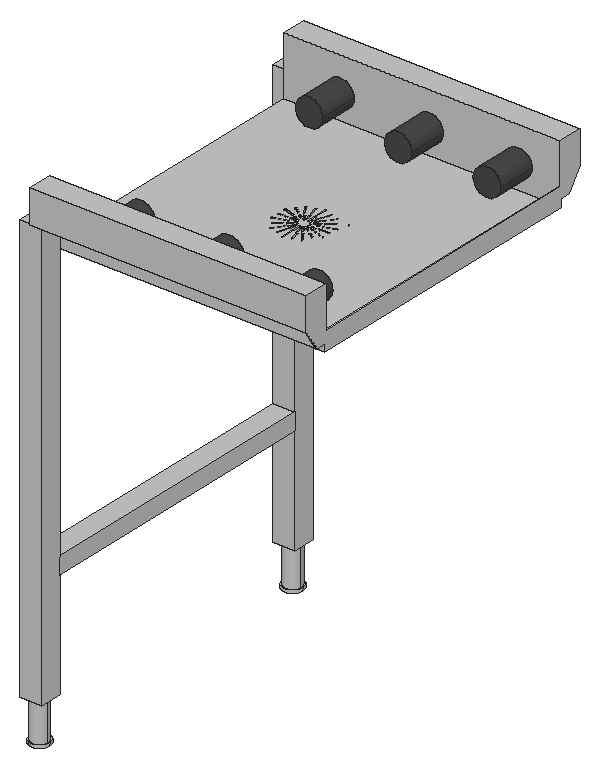
Revit family "QF_ELECTROLUXPROFESSIONAL_863138_HSSRC5", category Specialty Equipment, Revit 2018 (continued)
Lines and regions (mm)
  symbolic lines
    curve 299: line (-819.497, 70.328, 0) -> (-831.804, 66.33, 0)
    curve 300: arc (-831.804, 66.33, 0) -> (-832.604, 66.393, 0) -> (-833.125, 67.003, 0) r 1.048
    curve 301: line (-833.125, 67.003, 0) -> (-833.419, 67.91, 0)
    curve 302: arc (-833.419, 67.91, 0) -> (-833.36, 68.671, 0) -> (-832.779, 69.167, 0) r 0.998
    curve 303: line (-825.276, 73.399, 0) -> (-834.436, 73.399, 0)
    curve 304: arc (-834.436, 73.399, 0) -> (-835.153, 73.696, 0) -> (-835.45, 74.412, 0) r 1.013
    curve 305: line (-835.45, 74.412, 0) -> (-835.45, 75.402, 0)
    curve 306: arc (-835.45, 75.402, 0) -> (-835.158, 76.107, 0) -> (-834.452, 76.399, 0) r 0.997
    curve 307: line (-834.452, 76.399, 0) -> (-825.311, 76.399, 0)
    curve 308: arc (-825.311, 76.399, 0) -> (-824.579, 76.096, 0) -> (-824.276, 75.364, 0) r 1.035
    curve 309: line (-824.276, 75.364, 0) -> (-824.276, 74.399, 0)
    curve 310: arc (-824.276, 74.399, 0) -> (-824.569, 73.692, 0) -> (-825.276, 73.399, 0) r 1
    curve 311: line (-820.424, 76.616, 0) -> (-832.731, 80.615, 0)
    curve 312: arc (-832.731, 80.615, 0) -> (-833.341, 81.136, 0) -> (-833.404, 81.936, 0) r 1.048
    curve 313: line (-833.404, 81.936, 0) -> (-833.109, 82.843, 0)
    curve 314: arc (-833.109, 82.843, 0) -> (-832.613, 83.424, 0) -> (-831.852, 83.484, 0) r 0.998
    curve 315: line (-831.852, 83.484, 0) -> (-819.518, 79.476, 0)
    curve 316: arc (-819.518, 79.476, 0) -> (-818.916, 78.962, 0) -> (-818.854, 78.174, 0) r 1.033
    curve 317: line (-818.854, 78.174, 0) -> (-819.149, 77.266, 0)
    curve 318: arc (-819.149, 77.266, 0) -> (-819.652, 76.677, 0) -> (-820.424, 76.616, 0) r 1.012
    curve 319: line (-823.295, 82.497, 0) -> (-830.706, 87.881, 0)
    curve 320: arc (-830.706, 87.881, 0) -> (-831.111, 88.543, 0) -> (-830.93, 89.297, 0) r 1.013
    curve 321: line (-830.93, 89.297, 0) -> (-830.348, 90.097, 0)
    curve 322: arc (-830.348, 90.097, 0) -> (-829.697, 90.496, 0) -> (-828.955, 90.318, 0) r 0.997
    curve 323: line (-828.955, 90.318, 0) -> (-821.56, 84.945, 0)
    curve 324: arc (-821.56, 84.945, 0) -> (-821.146, 84.269, 0) -> (-821.331, 83.499, 0) r 1.035
    curve 325: line (-821.331, 83.499, 0) -> (-821.898, 82.718, 0)
    curve 326: arc (-821.898, 82.718, 0) -> (-822.551, 82.319, 0) -> (-823.295, 82.497, 0) r 1
    curve 327: line (-817.478, 82.248, 0) -> (-825.084, 92.717, 0)
    curve 328: arc (-825.084, 92.717, 0) -> (-825.272, 93.497, 0) -> (-824.852, 94.181, 0) r 1.048
    curve 329: line (-824.852, 94.181, 0) -> (-824.081, 94.742, 0)
    curve 330: arc (-824.081, 94.742, 0) -> (-823.338, 94.92, 0) -> (-822.687, 94.521, 0) r 0.998
    curve 331: line (-822.687, 94.521, 0) -> (-815.064, 84.029, 0)
    curve 332: arc (-815.064, 84.029, 0) -> (-814.879, 83.26, 0) -> (-815.293, 82.586, 0) r 1.033
    curve 333: line (-815.293, 82.586, 0) -> (-816.065, 82.024, 0)
    curve 334: arc (-816.065, 82.024, 0) -> (-816.818, 81.843, 0) -> (-817.478, 82.248, 0) r 1.012
    curve 335: line (-816.344, 88.693, 0) -> (-819.175, 97.405, 0)
    curve 336: arc (-819.175, 97.405, 0) -> (-819.114, 98.178, 0) -> (-818.524, 98.682, 0) r 1.013
    curve 337: line (-818.524, 98.682, 0) -> (-817.583, 98.988, 0)
    curve 338: arc (-817.583, 98.988, 0) -> (-816.822, 98.928, 0) -> (-816.326, 98.347, 0) r 0.997
    curve 339: line (-816.326, 98.347, 0) -> (-813.502, 89.654, 0)
    curve 340: arc (-813.502, 89.654, 0) -> (-813.564, 88.864, 0) -> (-814.166, 88.349, 0) r 1.035
    curve 341: line (-814.166, 88.349, 0) -> (-815.084, 88.051, 0)
    curve 342: arc (-815.084, 88.051, 0) -> (-815.847, 88.111, 0) -> (-816.344, 88.693, 0) r 1
    curve 343: line (-656.137, 265.317, 0) -> (-606.137, 265.317, 0)
    curve 344: line (-606.137, 265.317, 0) -> (-606.137, 335.271, 0)
    curve 345: line (-606.137, 335.271, 0) -> (-656.137, 335.271, 0)
    curve 346: line (-656.137, 335.271, 0) -> (-656.137, 265.317, 0)
    curve 347: line (-928.137, -115.842, 0) -> (-978.137, -115.842, 0)
    curve 348: line (-978.137, -115.842, 0) -> (-978.137, -185.797, 0)
    curve 349: line (-978.137, -185.797, 0) -> (-928.137, -185.797, 0)
    curve 350: line (-928.137, -185.797, 0) -> (-928.137, -115.842, 0)
    curve 351: line (-816.851, -115.842, 0) -> (-766.851, -115.842, 0)
    curve 352: line (-766.851, -115.842, 0) -> (-766.851, -185.797, 0)
    curve 353: line (-766.851, -185.797, 0) -> (-816.851, -185.797, 0)
    curve 354: line (-816.851, -185.797, 0) -> (-816.851, -115.842, 0)
    curve 355: line (-656.137, -115.842, 0) -> (-606.137, -115.842, 0)
    curve 356: line (-606.137, -115.842, 0) -> (-606.137, -185.797, 0)
    curve 357: line (-606.137, -185.797, 0) -> (-656.137, -185.797, 0)
    curve 358: line (-656.137, -185.797, 0) -> (-656.137, -115.842, 0)
Dimensions and locks
  plane 3 "LEFT" to plane 7 "RIGHT" = 500 mm
  equal spacing: plane 4 "BACK", plane 1 "Centro (Fronte/Retro)", plane 5 "FRONT"
  plane 4 "BACK" to plane 5 "FRONT" = 620 mm
  cut or joined group 1 (Extrusion 2, Extrusion 3, Extrusion 4, Revolve 5, Revolve 6, Extrusion 8, Extrusion 9, Extrusion 10, Extrusion 11, Extrusion 12, Extrusion 13, Extrusion 14, Extrusion 15, Extrusion 16, Extrusion 17, Extrusion 19, Extrusion 20, Extrusion 21, Extrusion 22, Extrusion 23, Extrusion 24, Extrusion 25, Extrusion 26, Extrusion 27, Extrusion 28) to cut or joined group 1 = 529.957 mm
  Extrusion 7 sketch curve to Extrusion 7 sketch curve = 161 mm
  Extrusion 29 sketch curve to Extrusion 29 sketch curve = 161 mm
  plane 3 "LEFT" to plane 8 = 230 mm
  aligned and locked: level to plane 2
  aligned and locked: Extrusion 2 to Extrusion 4
  aligned and locked: Extrusion 2 to Extrusion 3
Automatic sketch dimensions
  Extrusion 8 sketch curve to Extrusion 8 sketch curve = 0.998 mm
  Extrusion 8 sketch curve to Extrusion 8 sketch curve = 1.033 mm
  Extrusion 8 sketch curve to Extrusion 8 sketch curve = 12.94 mm
  Extrusion 8 sketch curve to Extrusion 8 sketch curve = 3.807 mm
  Extrusion 8 sketch curve to Extrusion 8 sketch curve = 20.041 mm
  Extrusion 8 sketch curve to Extrusion 8 sketch curve = 0.05 mm
  Extrusion 8 sketch curve to Extrusion 8 sketch curve = 0 mm
  Extrusion 8 sketch curve to Extrusion 8 sketch curve = 1.012 mm  (x2)
  Extrusion 8 sketch curve to Extrusion 8 sketch curve = 1.048 mm  (x2)
  Extrusion 8 sketch curve to Extrusion 8 sketch curve = 0.955 mm  (x2)
  Extrusion 8 sketch curve to Extrusion 8 sketch curve = 0.954 mm
  Extrusion 9 sketch curve to Extrusion 9 sketch curve = 0.998 mm
  Extrusion 9 sketch curve to Extrusion 9 sketch curve = 1.033 mm
  Extrusion 9 sketch curve to Extrusion 9 sketch curve = 12.94 mm
  Extrusion 9 sketch curve to Extrusion 9 sketch curve = 3.807 mm
  Extrusion 9 sketch curve to Extrusion 9 sketch curve = 20.041 mm
  Extrusion 9 sketch curve to Extrusion 9 sketch curve = 0.05 mm
  Extrusion 9 sketch curve to Extrusion 9 sketch curve = 0 mm
  Extrusion 9 sketch curve to Extrusion 9 sketch curve = 1.012 mm  (x2)
  Extrusion 9 sketch curve to Extrusion 9 sketch curve = 1.048 mm  (x2)
  Extrusion 9 sketch curve to Extrusion 9 sketch curve = 0.955 mm  (x2)
  Extrusion 9 sketch curve to Extrusion 9 sketch curve = 0.954 mm
  Extrusion 10 sketch curve to Extrusion 10 sketch curve = 0.998 mm
  Extrusion 10 sketch curve to Extrusion 10 sketch curve = 1.033 mm
  Extrusion 10 sketch curve to Extrusion 10 sketch curve = 12.94 mm
  Extrusion 10 sketch curve to Extrusion 10 sketch curve = 3.807 mm
  Extrusion 10 sketch curve to Extrusion 10 sketch curve = 20.041 mm
  Extrusion 10 sketch curve to Extrusion 10 sketch curve = 0.05 mm
  Extrusion 10 sketch curve to Extrusion 10 sketch curve = 0 mm
  Extrusion 10 sketch curve to Extrusion 10 sketch curve = 1.012 mm  (x2)
  Extrusion 10 sketch curve to Extrusion 10 sketch curve = 1.048 mm  (x2)
  Extrusion 10 sketch curve to Extrusion 10 sketch curve = 0.955 mm  (x2)
  Extrusion 10 sketch curve to Extrusion 10 sketch curve = 0.954 mm
  Extrusion 11 sketch curve to Extrusion 11 sketch curve = 0.998 mm
  Extrusion 11 sketch curve to Extrusion 11 sketch curve = 1.033 mm
  Extrusion 11 sketch curve to Extrusion 11 sketch curve = 12.94 mm
  Extrusion 11 sketch curve to Extrusion 11 sketch curve = 3.807 mm
  Extrusion 11 sketch curve to Extrusion 11 sketch curve = 20.041 mm
  Extrusion 11 sketch curve to Extrusion 11 sketch curve = 0.05 mm
  Extrusion 11 sketch curve to Extrusion 11 sketch curve = 0 mm
  Extrusion 11 sketch curve to Extrusion 11 sketch curve = 1.012 mm  (x2)
  Extrusion 11 sketch curve to Extrusion 11 sketch curve = 1.048 mm  (x2)
  Extrusion 11 sketch curve to Extrusion 11 sketch curve = 0.955 mm  (x2)
  Extrusion 11 sketch curve to Extrusion 11 sketch curve = 0.954 mm
  Extrusion 12 sketch curve to Extrusion 12 sketch curve = 0.998 mm
  Extrusion 12 sketch curve to Extrusion 12 sketch curve = 1.033 mm
  Extrusion 12 sketch curve to Extrusion 12 sketch curve = 12.94 mm
  Extrusion 12 sketch curve to Extrusion 12 sketch curve = 3.807 mm
  Extrusion 12 sketch curve to Extrusion 12 sketch curve = 20.041 mm
  Extrusion 12 sketch curve to Extrusion 12 sketch curve = 0.05 mm
  Extrusion 12 sketch curve to Extrusion 12 sketch curve = 0 mm
  Extrusion 12 sketch curve to Extrusion 12 sketch curve = 1.012 mm  (x2)
  Extrusion 12 sketch curve to Extrusion 12 sketch curve = 1.048 mm  (x2)
  Extrusion 12 sketch curve to Extrusion 12 sketch curve = 0.955 mm  (x2)
  Extrusion 12 sketch curve to Extrusion 12 sketch curve = 0.954 mm
  Extrusion 13 sketch curve to Extrusion 13 sketch curve = 0.998 mm
  Extrusion 13 sketch curve to Extrusion 13 sketch curve = 1.033 mm
  Extrusion 13 sketch curve to Extrusion 13 sketch curve = 12.94 mm
  Extrusion 13 sketch curve to Extrusion 13 sketch curve = 3.807 mm
  Extrusion 13 sketch curve to Extrusion 13 sketch curve = 20.041 mm
  Extrusion 13 sketch curve to Extrusion 13 sketch curve = 0.05 mm
  Extrusion 13 sketch curve to Extrusion 13 sketch curve = 0 mm
  Extrusion 13 sketch curve to Extrusion 13 sketch curve = 1.012 mm  (x2)
  Extrusion 13 sketch curve to Extrusion 13 sketch curve = 1.048 mm  (x2)
  Extrusion 13 sketch curve to Extrusion 13 sketch curve = 0.955 mm  (x2)
  Extrusion 13 sketch curve to Extrusion 13 sketch curve = 0.954 mm
  Extrusion 14 sketch curve to Extrusion 14 sketch curve = 0.998 mm
  Extrusion 14 sketch curve to Extrusion 14 sketch curve = 1.033 mm
  Extrusion 14 sketch curve to Extrusion 14 sketch curve = 12.94 mm
  Extrusion 14 sketch curve to Extrusion 14 sketch curve = 3.807 mm
  Extrusion 14 sketch curve to Extrusion 14 sketch curve = 20.041 mm
  Extrusion 14 sketch curve to Extrusion 14 sketch curve = 0.05 mm
  Extrusion 14 sketch curve to Extrusion 14 sketch curve = 0 mm
  Extrusion 14 sketch curve to Extrusion 14 sketch curve = 1.012 mm  (x2)
  Extrusion 14 sketch curve to Extrusion 14 sketch curve = 1.048 mm  (x2)
  Extrusion 14 sketch curve to Extrusion 14 sketch curve = 0.955 mm  (x2)
  Extrusion 14 sketch curve to Extrusion 14 sketch curve = 0.954 mm
  Extrusion 15 sketch curve to Extrusion 15 sketch curve = 0.998 mm
  Extrusion 15 sketch curve to Extrusion 15 sketch curve = 1.033 mm
  Extrusion 15 sketch curve to Extrusion 15 sketch curve = 12.94 mm
  Extrusion 15 sketch curve to Extrusion 15 sketch curve = 3.807 mm
  Extrusion 15 sketch curve to Extrusion 15 sketch curve = 20.041 mm
  Extrusion 15 sketch curve to Extrusion 15 sketch curve = 0.05 mm
  Extrusion 15 sketch curve to Extrusion 15 sketch curve = 0 mm
  Extrusion 15 sketch curve to Extrusion 15 sketch curve = 1.012 mm  (x2)
  Extrusion 15 sketch curve to Extrusion 15 sketch curve = 1.048 mm  (x2)
  Extrusion 15 sketch curve to Extrusion 15 sketch curve = 0.955 mm  (x2)
  Extrusion 15 sketch curve to Extrusion 15 sketch curve = 0.954 mm
  Extrusion 16 sketch curve to Extrusion 16 sketch curve = 0.998 mm
  Extrusion 16 sketch curve to Extrusion 16 sketch curve = 1.033 mm
  Extrusion 16 sketch curve to Extrusion 16 sketch curve = 12.94 mm
  Extrusion 16 sketch curve to Extrusion 16 sketch curve = 3.807 mm
  Extrusion 16 sketch curve to Extrusion 16 sketch curve = 20.041 mm
  Extrusion 16 sketch curve to Extrusion 16 sketch curve = 0.05 mm
  Extrusion 16 sketch curve to Extrusion 16 sketch curve = 0 mm
  Extrusion 16 sketch curve to Extrusion 16 sketch curve = 1.012 mm  (x2)
  Extrusion 16 sketch curve to Extrusion 16 sketch curve = 1.048 mm  (x2)
  Extrusion 16 sketch curve to Extrusion 16 sketch curve = 0.955 mm  (x2)
  Extrusion 16 sketch curve to Extrusion 16 sketch curve = 0.954 mm
  Extrusion 17 sketch curve to Extrusion 17 sketch curve = 0.998 mm
  Extrusion 17 sketch curve to Extrusion 17 sketch curve = 1.033 mm
  Extrusion 17 sketch curve to Extrusion 17 sketch curve = 12.94 mm
  Extrusion 17 sketch curve to Extrusion 17 sketch curve = 3.807 mm
  Extrusion 17 sketch curve to Extrusion 17 sketch curve = 20.041 mm
  Extrusion 17 sketch curve to Extrusion 17 sketch curve = 0.05 mm
  Extrusion 17 sketch curve to Extrusion 17 sketch curve = 0 mm
  Extrusion 17 sketch curve to Extrusion 17 sketch curve = 1.012 mm  (x2)
  Extrusion 17 sketch curve to Extrusion 17 sketch curve = 1.048 mm  (x2)
  Extrusion 17 sketch curve to Extrusion 17 sketch curve = 0.955 mm  (x2)
  Extrusion 17 sketch curve to Extrusion 17 sketch curve = 0.954 mm
  Extrusion 19 sketch curve to Extrusion 19 sketch curve = 0.997 mm  (x2)
  Extrusion 19 sketch curve to Extrusion 19 sketch curve = 0.016 mm  (x2)
  Extrusion 19 sketch curve to Extrusion 19 sketch curve = 14.766 mm
  Extrusion 19 sketch curve to Extrusion 19 sketch curve = 4.462 mm
  Extrusion 19 sketch curve to Extrusion 19 sketch curve = 9.141 mm
  Extrusion 19 sketch curve to Extrusion 19 sketch curve = 0.035 mm  (x2)
  Extrusion 19 sketch curve to Extrusion 19 sketch curve = 1.035 mm  (x2)
  Extrusion 19 sketch curve to Extrusion 19 sketch curve = 1 mm
  Extrusion 19 sketch curve to Extrusion 19 sketch curve = 0.965 mm  (x2)
  Extrusion 20 sketch curve to Extrusion 20 sketch curve = 0.997 mm  (x2)
  Extrusion 20 sketch curve to Extrusion 20 sketch curve = 0.016 mm  (x2)
  Extrusion 20 sketch curve to Extrusion 20 sketch curve = 14.766 mm
  Extrusion 20 sketch curve to Extrusion 20 sketch curve = 4.462 mm
  Extrusion 20 sketch curve to Extrusion 20 sketch curve = 9.141 mm
  Extrusion 20 sketch curve to Extrusion 20 sketch curve = 0.035 mm  (x2)
  Extrusion 20 sketch curve to Extrusion 20 sketch curve = 1.035 mm  (x2)
  Extrusion 20 sketch curve to Extrusion 20 sketch curve = 1 mm
  Extrusion 20 sketch curve to Extrusion 20 sketch curve = 0.965 mm  (x2)
  Extrusion 21 sketch curve to Extrusion 21 sketch curve = 0.997 mm  (x2)
  Extrusion 21 sketch curve to Extrusion 21 sketch curve = 0.016 mm  (x2)
  Extrusion 21 sketch curve to Extrusion 21 sketch curve = 14.766 mm
  Extrusion 21 sketch curve to Extrusion 21 sketch curve = 4.462 mm
  Extrusion 21 sketch curve to Extrusion 21 sketch curve = 9.141 mm
  Extrusion 21 sketch curve to Extrusion 21 sketch curve = 0.035 mm  (x2)
  Extrusion 21 sketch curve to Extrusion 21 sketch curve = 1.035 mm  (x2)
  Extrusion 21 sketch curve to Extrusion 21 sketch curve = 1 mm
  Extrusion 21 sketch curve to Extrusion 21 sketch curve = 0.965 mm  (x2)
  Extrusion 22 sketch curve to Extrusion 22 sketch curve = 0.997 mm  (x2)
  Extrusion 22 sketch curve to Extrusion 22 sketch curve = 0.016 mm  (x2)
  Extrusion 22 sketch curve to Extrusion 22 sketch curve = 14.766 mm
  Extrusion 22 sketch curve to Extrusion 22 sketch curve = 4.462 mm
  Extrusion 22 sketch curve to Extrusion 22 sketch curve = 9.141 mm
  Extrusion 22 sketch curve to Extrusion 22 sketch curve = 0.035 mm  (x2)
  Extrusion 22 sketch curve to Extrusion 22 sketch curve = 1.035 mm  (x2)
  Extrusion 22 sketch curve to Extrusion 22 sketch curve = 1 mm
  Extrusion 22 sketch curve to Extrusion 22 sketch curve = 0.965 mm  (x2)
  Extrusion 23 sketch curve to Extrusion 23 sketch curve = 0.997 mm  (x2)
  Extrusion 23 sketch curve to Extrusion 23 sketch curve = 0.016 mm  (x2)
  Extrusion 23 sketch curve to Extrusion 23 sketch curve = 14.766 mm
  Extrusion 23 sketch curve to Extrusion 23 sketch curve = 4.462 mm
  Extrusion 23 sketch curve to Extrusion 23 sketch curve = 9.141 mm
  Extrusion 23 sketch curve to Extrusion 23 sketch curve = 0.035 mm  (x2)
  Extrusion 23 sketch curve to Extrusion 23 sketch curve = 1.035 mm  (x2)
  Extrusion 23 sketch curve to Extrusion 23 sketch curve = 1 mm
  Extrusion 23 sketch curve to Extrusion 23 sketch curve = 0.965 mm  (x2)
  Extrusion 24 sketch curve to Extrusion 24 sketch curve = 0.997 mm  (x2)
  Extrusion 24 sketch curve to Extrusion 24 sketch curve = 0.016 mm  (x2)
  Extrusion 24 sketch curve to Extrusion 24 sketch curve = 14.766 mm
  Extrusion 24 sketch curve to Extrusion 24 sketch curve = 4.462 mm
  Extrusion 24 sketch curve to Extrusion 24 sketch curve = 9.141 mm
  Extrusion 24 sketch curve to Extrusion 24 sketch curve = 0.035 mm  (x2)
  Extrusion 24 sketch curve to Extrusion 24 sketch curve = 1.035 mm  (x2)
  Extrusion 24 sketch curve to Extrusion 24 sketch curve = 1 mm
  Extrusion 24 sketch curve to Extrusion 24 sketch curve = 0.965 mm  (x2)
  Extrusion 25 sketch curve to Extrusion 25 sketch curve = 0.997 mm  (x2)
  Extrusion 25 sketch curve to Extrusion 25 sketch curve = 0.016 mm  (x2)
  Extrusion 25 sketch curve to Extrusion 25 sketch curve = 14.766 mm
  Extrusion 25 sketch curve to Extrusion 25 sketch curve = 4.462 mm
  Extrusion 25 sketch curve to Extrusion 25 sketch curve = 9.141 mm
  Extrusion 25 sketch curve to Extrusion 25 sketch curve = 0.035 mm  (x2)
  Extrusion 25 sketch curve to Extrusion 25 sketch curve = 1.035 mm  (x2)
  Extrusion 25 sketch curve to Extrusion 25 sketch curve = 1 mm
  Extrusion 25 sketch curve to Extrusion 25 sketch curve = 0.965 mm  (x2)
  Extrusion 26 sketch curve to Extrusion 26 sketch curve = 0.997 mm  (x2)
  Extrusion 26 sketch curve to Extrusion 26 sketch curve = 0.016 mm  (x2)
  Extrusion 26 sketch curve to Extrusion 26 sketch curve = 14.766 mm
  Extrusion 26 sketch curve to Extrusion 26 sketch curve = 4.462 mm
  Extrusion 26 sketch curve to Extrusion 26 sketch curve = 9.141 mm
  Extrusion 26 sketch curve to Extrusion 26 sketch curve = 0.035 mm  (x2)
  Extrusion 26 sketch curve to Extrusion 26 sketch curve = 1.035 mm  (x2)
  Extrusion 26 sketch curve to Extrusion 26 sketch curve = 1 mm
  Extrusion 26 sketch curve to Extrusion 26 sketch curve = 0.965 mm  (x2)
  Extrusion 27 sketch curve to Extrusion 27 sketch curve = 0.997 mm  (x2)
  Extrusion 27 sketch curve to Extrusion 27 sketch curve = 0.016 mm  (x2)
  Extrusion 27 sketch curve to Extrusion 27 sketch curve = 14.766 mm
  Extrusion 27 sketch curve to Extrusion 27 sketch curve = 4.462 mm
  Extrusion 27 sketch curve to Extrusion 27 sketch curve = 9.141 mm
  Extrusion 27 sketch curve to Extrusion 27 sketch curve = 0.035 mm  (x2)
  Extrusion 27 sketch curve to Extrusion 27 sketch curve = 1.035 mm  (x2)
  Extrusion 27 sketch curve to Extrusion 27 sketch curve = 1 mm
  Extrusion 27 sketch curve to Extrusion 27 sketch curve = 0.965 mm  (x2)
  Extrusion 28 sketch curve to Extrusion 28 sketch curve = 0.997 mm  (x2)
  Extrusion 28 sketch curve to Extrusion 28 sketch curve = 0.016 mm  (x2)
  Extrusion 28 sketch curve to Extrusion 28 sketch curve = 14.766 mm
  Extrusion 28 sketch curve to Extrusion 28 sketch curve = 4.462 mm
  Extrusion 28 sketch curve to Extrusion 28 sketch curve = 9.141 mm
  Extrusion 28 sketch curve to Extrusion 28 sketch curve = 0.035 mm  (x2)
  Extrusion 28 sketch curve to Extrusion 28 sketch curve = 1.035 mm  (x2)
  Extrusion 28 sketch curve to Extrusion 28 sketch curve = 1 mm
  Extrusion 28 sketch curve to Extrusion 28 sketch curve = 0.965 mm  (x2)
  curve 9 to curve 10 = 0 mm  (x2)
  curve 11 to curve 12 = 0 mm  (x2)
  curve 181 to curve 182 = 0 mm  (x2)
  curve 1 to plane 3 "LEFT" = 0 mm
  plane 1 "Centro (Fronte/Retro)" to curve 8 = 0 mm
  plane 1 "Centro (Fronte/Retro)" to curve 10 = 0 mm
  plane 1 "Centro (Fronte/Retro)" to curve 11 = 0 mm
  plane 1 "Centro (Fronte/Retro)" to curve 7 = 0 mm
  curve 7 to plane 7 "RIGHT" = 0 mm
  curve 4 to plane 5 "FRONT" = 0 mm
  curve 2 to plane 4 "BACK" = 0 mm
  plane 3 "LEFT" to curve 348 = 60.624 mm
  plane 3 "LEFT" to curve 13 = 60.624 mm
  curve 348 to curve 349 = 50 mm
  curve 13 to curve 13 = 50 mm
  plane 1 "Centro (Fronte/Retro)" to curve 151 = 14.84 mm
  plane 3 "LEFT" to curve 151 = 180.681 mm
  curve 167 to plane 1 "Centro (Fronte/Retro)" = 15.211 mm
  curve 152 to curve 167 = 0.016 mm
  plane 1 "Centro (Fronte/Retro)" to curve 151 = 15.747 mm
  curve 151 to curve 151 = 0.295 mm
  curve 167 to plane 1 "Centro (Fronte/Retro)" = 16.119 mm
  curve 166 to curve 167 = 0.295 mm
  plane 1 "Centro (Fronte/Retro)" to curve 153 = 13.583 mm
  curve 152 to curve 153 = 0.641 mm
  curve 165 to plane 1 "Centro (Fronte/Retro)" = 13.891 mm
  curve 166 to curve 165 = 0.673 mm
  curve 153 to curve 152 = 0.308 mm
  curve 165 to curve 166 = 0.324 mm
  curve 166 to curve 168 = 0.247 mm
  curve 152 to curve 150 = 0.343 mm
  plane 1 "Centro (Fronte/Retro)" to curve 159 = 0.325 mm
  curve 152 to curve 159 = 0.729 mm
  curve 169 to plane 1 "Centro (Fronte/Retro)" = 16.759 mm
  curve 168 to curve 169 = 0.308 mm
  plane 1 "Centro (Fronte/Retro)" to curve 149 = 16.42 mm
  curve 150 to curve 149 = 0.324 mm
  curve 160 to plane 1 "Centro (Fronte/Retro)" = 0.664 mm
  curve 159 to curve 160 = 0.997 mm
  curve 160 to curve 158 = 0.016 mm
  plane 1 "Centro (Fronte/Retro)" to curve 143 = 26.72 mm
  curve 149 to curve 143 = 8.325 mm
  curve 175 to plane 1 "Centro (Fronte/Retro)" = 27.056 mm
  curve 168 to curve 175 = 8.383 mm
  plane 1 "Centro (Fronte/Retro)" to curve 145 = 25.327 mm
  curve 144 to curve 145 = 0.221 mm
  curve 173 to plane 1 "Centro (Fronte/Retro)" = 25.641 mm
  curve 174 to curve 173 = 0.224 mm
  plane 1 "Centro (Fronte/Retro)" to curve 143 = 27.52 mm
  curve 143 to curve 143 = 0.581 mm
  curve 175 to plane 1 "Centro (Fronte/Retro)" = 27.857 mm
  curve 174 to curve 175 = 0.581 mm
  curve 144 to curve 144 = 0.586 mm
  curve 174 to curve 174 = 0.82 mm
  curve 174 to curve 176 = 0.569 mm
  curve 144 to curve 142 = 0.594 mm
  curve 177 to plane 1 "Centro (Fronte/Retro)" = 28.077 mm
  curve 176 to curve 177 = 0.586 mm
  plane 1 "Centro (Fronte/Retro)" to curve 141 = 27.744 mm
  curve 142 to curve 141 = 0.596 mm
  curve 162 to plane 1 "Centro (Fronte/Retro)" = 0.627 mm
  curve 160 to curve 162 = 14.766 mm
  plane 1 "Centro (Fronte/Retro)" to curve 164 = 0.338 mm
  plane 1 "Centro (Fronte/Retro)" to curve 137 = 38.675 mm
  curve 141 to curve 137 = 5.787 mm
  curve 21 to plane 1 "Centro (Fronte/Retro)" = 38.958 mm
  curve 176 to curve 21 = 5.83 mm
  plane 1 "Centro (Fronte/Retro)" to curve 135 = 40.068 mm
  curve 136 to curve 135 = 0.221 mm
  curve 23 to plane 1 "Centro (Fronte/Retro)" = 40.422 mm
  curve 21 to curve 23 = 0.232 mm
  curve 136 to curve 136 = 0.807 mm
  curve 23 to curve 22 = 0.616 mm
  plane 1 "Centro (Fronte/Retro)" to curve 135 = 40.629 mm
  curve 135 to curve 135 = 0.772 mm
  curve 23 to plane 1 "Centro (Fronte/Retro)" = 40.982 mm
  curve 23 to curve 23 = 0.772 mm
  curve 136 to curve 134 = 0.801 mm
  curve 22 to curve 24 = 0.742 mm
  plane 1 "Centro (Fronte/Retro)" to curve 153 = 7.374 mm
  curve 164 to curve 153 = 2.58 mm
  curve 165 to plane 1 "Centro (Fronte/Retro)" = 7.691 mm
  curve 161 to curve 165 = 2.636 mm
  curve 154 to curve 154 = 0.319 mm
  curve 165 to curve 172 = 0.313 mm
  curve 25 to plane 1 "Centro (Fronte/Retro)" = 40.762 mm
  curve 24 to curve 25 = 0.807 mm
  plane 1 "Centro (Fronte/Retro)" to curve 133 = 40.397 mm
  curve 134 to curve 133 = 0.848 mm
  curve 172 to curve 170 = 0.274 mm
  curve 154 to curve 156 = 0.316 mm
  curve 169 to plane 1 "Centro (Fronte/Retro)" = 10.551 mm
  curve 170 to curve 169 = 0.319 mm
  plane 1 "Centro (Fronte/Retro)" to curve 149 = 10.22 mm
  curve 156 to curve 149 = 0.313 mm
  curve 171 to plane 1 "Centro (Fronte/Retro)" = 8.34 mm
  curve 172 to curve 171 = 0.962 mm
  plane 1 "Centro (Fronte/Retro)" to curve 155 = 8.037 mm
  curve 154 to curve 155 = 0.983 mm
  curve 171 to plane 1 "Centro (Fronte/Retro)" = 9.249 mm
  curve 171 to curve 171 = 0.295 mm
  plane 1 "Centro (Fronte/Retro)" to curve 155 = 8.946 mm
  curve 154 to curve 155 = 0.295 mm
  plane 1 "Centro (Fronte/Retro)" to curve 145 = 16.648 mm
  curve 156 to curve 145 = 1.411 mm
  curve 173 to plane 1 "Centro (Fronte/Retro)" = 16.95 mm
  curve 170 to curve 173 = 1.46 mm
  plane 1 "Centro (Fronte/Retro)" to curve 305 = 0.325 mm
  curve 163 to curve 305 = 4.462 mm
  curve 145 to curve 146 = 0.608 mm
  curve 173 to curve 180 = 0.588 mm
  curve 180 to curve 178 = 0.539 mm
  curve 146 to curve 148 = 0.596 mm
  curve 179 to plane 1 "Centro (Fronte/Retro)" = 17.172 mm
  curve 180 to curve 179 = 0.809 mm
  plane 1 "Centro (Fronte/Retro)" to curve 147 = 16.877 mm
  curve 146 to curve 147 = 0.838 mm
  curve 305 to curve 307 = 0.997 mm
  plane 1 "Centro (Fronte/Retro)" to curve 303 = 1.338 mm
  curve 177 to plane 1 "Centro (Fronte/Retro)" = 19.398 mm
  curve 178 to curve 177 = 0.608 mm
  plane 1 "Centro (Fronte/Retro)" to curve 141 = 19.054 mm
  curve 148 to curve 141 = 0.588 mm
  curve 179 to plane 1 "Centro (Fronte/Retro)" = 17.952 mm
  curve 179 to curve 179 = 0.567 mm
  plane 1 "Centro (Fronte/Retro)" to curve 147 = 17.657 mm
  curve 147 to curve 147 = 0.567 mm
  plane 1 "Centro (Fronte/Retro)" to curve 301 = 6.827 mm
  curve 154 to curve 301 = 3.61 mm
  curve 313 to plane 1 "Centro (Fronte/Retro)" = 7.199 mm
  curve 171 to curve 313 = 3.632 mm
  plane 1 "Centro (Fronte/Retro)" to curve 301 = 7.734 mm
  curve 302 to curve 301 = 0.295 mm
  curve 313 to plane 1 "Centro (Fronte/Retro)" = 8.106 mm
  curve 312 to curve 313 = 0.295 mm
  plane 1 "Centro (Fronte/Retro)" to curve 295 = 5.57 mm
  curve 301 to curve 295 = 0.641 mm
  curve 311 to plane 1 "Centro (Fronte/Retro)" = 5.878 mm
  curve 313 to curve 311 = 0.673 mm
  curve 301 to curve 302 = 0.949 mm
  curve 313 to curve 312 = 0.997 mm
  curve 312 to curve 314 = 0.247 mm
  curve 302 to curve 300 = 0.343 mm
  curve 315 to plane 1 "Centro (Fronte/Retro)" = 8.747 mm
  curve 314 to curve 315 = 0.308 mm
  plane 1 "Centro (Fronte/Retro)" to curve 299 = 8.407 mm
  curve 300 to curve 299 = 0.324 mm
  plane 1 "Centro (Fronte/Retro)" to curve 293 = 14.223 mm
  curve 147 to curve 293 = 3.588 mm
  curve 321 to plane 1 "Centro (Fronte/Retro)" = 14.56 mm
  curve 179 to curve 321 = 3.618 mm
  plane 1 "Centro (Fronte/Retro)" to curve 287 = 12.83 mm
  curve 294 to curve 287 = 0.221 mm
  curve 319 to plane 1 "Centro (Fronte/Retro)" = 13.144 mm
  curve 320 to curve 319 = 0.224 mm
  plane 1 "Centro (Fronte/Retro)" to curve 293 = 15.024 mm
  curve 293 to curve 293 = 0.581 mm
  curve 321 to plane 1 "Centro (Fronte/Retro)" = 15.36 mm
  curve 320 to curve 321 = 0.581 mm
  curve 293 to curve 294 = 0.807 mm
  curve 320 to curve 320 = 0.596 mm
  curve 320 to curve 322 = 0.569 mm
  curve 294 to curve 292 = 0.594 mm
  curve 323 to plane 1 "Centro (Fronte/Retro)" = 15.581 mm
  curve 322 to curve 323 = 0.586 mm
  plane 1 "Centro (Fronte/Retro)" to curve 291 = 15.248 mm
  curve 292 to curve 291 = 0.596 mm
  plane 1 "Centro (Fronte/Retro)" to curve 137 = 22.42 mm
  curve 141 to curve 137 = 5.635 mm
  curve 21 to plane 1 "Centro (Fronte/Retro)" = 22.726 mm
  curve 177 to curve 21 = 5.676 mm
  curve 28 to curve 28 = 0.818 mm
  curve 137 to curve 138 = 0.836 mm
  curve 27 to plane 1 "Centro (Fronte/Retro)" = 22.503 mm
  curve 28 to curve 27 = 0.595 mm
  plane 1 "Centro (Fronte/Retro)" to curve 139 = 22.192 mm
  curve 138 to curve 139 = 0.607 mm
  curve 28 to curve 26 = 0.76 mm
  curve 138 to curve 140 = 0.786 mm
  curve 27 to plane 1 "Centro (Fronte/Retro)" = 23.064 mm
  curve 28 to curve 27 = 0.773 mm
  plane 1 "Centro (Fronte/Retro)" to curve 139 = 22.753 mm
  curve 139 to curve 139 = 0.773 mm
  curve 25 to plane 1 "Centro (Fronte/Retro)" = 24.507 mm
  curve 26 to curve 25 = 0.836 mm
  plane 1 "Centro (Fronte/Retro)" to curve 133 = 24.166 mm
  curve 140 to curve 133 = 0.818 mm
  plane 1 "Centro (Fronte/Retro)" to curve 129 = 42.58 mm
  curve 133 to curve 129 = 12.149 mm
  curve 29 to plane 1 "Centro (Fronte/Retro)" = 42.888 mm
  curve 24 to curve 29 = 12.184 mm
  curve 307 to plane 1 "Centro (Fronte/Retro)" = 1.662 mm
  curve 311 to curve 307 = 7.42 mm
  plane 1 "Centro (Fronte/Retro)" to curve 310 = 0.338 mm
  curve 308 to curve 310 = 0.035 mm
  plane 1 "Centro (Fronte/Retro)" to curve 279 = 17.697 mm
  curve 291 to curve 279 = 3.828 mm
  plane 1 "Centro (Fronte/Retro)" to curve 127 = 43.836 mm
  curve 128 to curve 127 = 0.64 mm
  curve 31 to plane 1 "Centro (Fronte/Retro)" = 44.165 mm
  curve 30 to curve 31 = 0.651 mm
  curve 327 to plane 1 "Centro (Fronte/Retro)" = 17.98 mm
  curve 323 to curve 327 = 3.871 mm
  plane 1 "Centro (Fronte/Retro)" to curve 285 = 19.091 mm
  curve 286 to curve 285 = 0.221 mm
  curve 329 to plane 1 "Centro (Fronte/Retro)" = 19.444 mm
  curve 328 to curve 329 = 0.232 mm
  curve 128 to curve 128 = 0.949 mm
  curve 30 to curve 30 = 0.313 mm
  curve 286 to curve 286 = 0.587 mm
  curve 328 to curve 328 = 0.848 mm
  plane 1 "Centro (Fronte/Retro)" to curve 127 = 44.142 mm
  curve 127 to curve 127 = 0.941 mm
  curve 31 to plane 1 "Centro (Fronte/Retro)" = 44.471 mm
  curve 30 to curve 31 = 0.941 mm
  plane 1 "Centro (Fronte/Retro)" to curve 285 = 19.651 mm
  curve 286 to curve 285 = 0.772 mm
  curve 329 to plane 1 "Centro (Fronte/Retro)" = 20.005 mm
  curve 328 to curve 329 = 0.772 mm
  curve 128 to curve 126 = 0.946 mm
  curve 30 to curve 32 = 0.936 mm
  curve 286 to curve 284 = 0.801 mm
  curve 328 to curve 330 = 0.742 mm
  plane 1 "Centro (Fronte/Retro)" to curve 287 = 7.457 mm
  curve 303 to curve 287 = 1.953 mm
  curve 319 to plane 1 "Centro (Fronte/Retro)" = 7.76 mm
  curve 308 to curve 319 = 2.017 mm
  curve 33 to plane 1 "Centro (Fronte/Retro)" = 43.83 mm
  curve 32 to curve 33 = 0.949 mm
  plane 1 "Centro (Fronte/Retro)" to curve 125 = 43.491 mm
  curve 126 to curve 125 = 0.964 mm
  curve 287 to curve 288 = 0.608 mm
  curve 319 to curve 326 = 0.588 mm
  curve 331 to plane 1 "Centro (Fronte/Retro)" = 19.784 mm
  curve 330 to curve 331 = 0.807 mm
  plane 1 "Centro (Fronte/Retro)" to curve 283 = 19.42 mm
  curve 284 to curve 283 = 0.848 mm
  curve 326 to curve 324 = 0.539 mm
  curve 288 to curve 290 = 0.596 mm
  curve 325 to plane 1 "Centro (Fronte/Retro)" = 7.981 mm
  curve 326 to curve 325 = 0.809 mm
  plane 1 "Centro (Fronte/Retro)" to curve 289 = 7.686 mm
  curve 288 to curve 289 = 0.838 mm
  curve 323 to plane 1 "Centro (Fronte/Retro)" = 10.208 mm
  curve 324 to curve 323 = 0.608 mm
  plane 1 "Centro (Fronte/Retro)" to curve 291 = 9.864 mm
  curve 290 to curve 291 = 0.588 mm
  curve 325 to plane 1 "Centro (Fronte/Retro)" = 8.762 mm
  curve 326 to curve 325 = 0.567 mm
  plane 1 "Centro (Fronte/Retro)" to curve 289 = 8.467 mm
  curve 289 to curve 289 = 0.567 mm
  plane 1 "Centro (Fronte/Retro)" to curve 129 = 28.536 mm
  curve 140 to curve 129 = 4.919 mm
  curve 29 to plane 1 "Centro (Fronte/Retro)" = 28.826 mm
  curve 25 to curve 29 = 4.943 mm
  plane 1 "Centro (Fronte/Retro)" to curve 295 = 1.562 mm
  curve 309 to curve 295 = 3.832 mm
  curve 311 to plane 1 "Centro (Fronte/Retro)" = 1.879 mm
  curve 295 to curve 311 = 0.021 mm
  curve 29 to curve 36 = 0.951 mm
  curve 130 to curve 130 = 0.985 mm
  curve 296 to curve 296 = 0.319 mm
  curve 311 to curve 318 = 0.313 mm
  curve 35 to plane 1 "Centro (Fronte/Retro)" = 28.184 mm
  curve 36 to curve 35 = 0.309 mm
  plane 1 "Centro (Fronte/Retro)" to curve 131 = 27.872 mm
  curve 130 to curve 131 = 0.32 mm
  curve 318 to curve 316 = 0.274 mm
  curve 296 to curve 298 = 0.316 mm
  curve 315 to plane 1 "Centro (Fronte/Retro)" = 4.739 mm
  curve 316 to curve 315 = 0.319 mm
  plane 1 "Centro (Fronte/Retro)" to curve 299 = 4.409 mm
  curve 298 to curve 299 = 0.313 mm
  curve 36 to curve 34 = 0.907 mm
  curve 130 to curve 132 = 0.928 mm
  plane 1 "Centro (Fronte/Retro)" to curve 271 = 22.36 mm
  curve 283 to curve 271 = 3.478 mm
  curve 335 to plane 1 "Centro (Fronte/Retro)" = 22.668 mm
  curve 330 to curve 335 = 3.512 mm
  curve 317 to plane 1 "Centro (Fronte/Retro)" = 2.529 mm
  curve 318 to curve 317 = 0.962 mm
  plane 1 "Centro (Fronte/Retro)" to curve 297 = 2.226 mm
  curve 296 to curve 297 = 0.983 mm
  curve 35 to plane 1 "Centro (Fronte/Retro)" = 28.483 mm
  curve 35 to curve 35 = 0.918 mm
  plane 1 "Centro (Fronte/Retro)" to curve 131 = 28.17 mm
  curve 131 to curve 131 = 0.918 mm
  curve 317 to plane 1 "Centro (Fronte/Retro)" = 3.437 mm
  curve 317 to curve 317 = 0.295 mm
  plane 1 "Centro (Fronte/Retro)" to curve 297 = 3.134 mm
  curve 296 to curve 297 = 0.295 mm
  plane 1 "Centro (Fronte/Retro)" to curve 277 = 23.616 mm
  curve 271 to curve 277 = 0.64 mm
  curve 337 to plane 1 "Centro (Fronte/Retro)" = 23.945 mm
  curve 335 to curve 337 = 0.651 mm
  curve 33 to plane 1 "Centro (Fronte/Retro)" = 29.787 mm
  curve 34 to curve 33 = 0.985 mm
  plane 1 "Centro (Fronte/Retro)" to curve 125 = 29.43 mm
  curve 132 to curve 125 = 0.951 mm
  curve 271 to curve 278 = 0.949 mm
  curve 335 to curve 336 = 0.964 mm
  plane 1 "Centro (Fronte/Retro)" to curve 277 = 23.922 mm
  curve 277 to curve 277 = 0.941 mm
  curve 337 to plane 1 "Centro (Fronte/Retro)" = 24.251 mm
  curve 336 to curve 337 = 0.941 mm
  plane 1 "Centro (Fronte/Retro)" to curve 279 = 7.205 mm
  curve 298 to curve 279 = 2.006 mm
  curve 327 to plane 1 "Centro (Fronte/Retro)" = 7.511 mm
  curve 315 to curve 327 = 2.039 mm
  curve 278 to curve 276 = 0.946 mm
  curve 336 to curve 338 = 0.936 mm
  curve 334 to curve 334 = 0.818 mm
  curve 280 to curve 280 = 0.836 mm
  plane 1 "Centro (Fronte/Retro)" to curve 271 = 13.666 mm
  curve 280 to curve 271 = 0.3 mm
  curve 335 to plane 1 "Centro (Fronte/Retro)" = 13.956 mm
  curve 334 to curve 335 = 0.316 mm
  curve 339 to plane 1 "Centro (Fronte/Retro)" = 23.61 mm
  curve 338 to curve 339 = 0.949 mm
  plane 1 "Centro (Fronte/Retro)" to curve 275 = 23.271 mm
  curve 276 to curve 275 = 0.964 mm
  curve 333 to plane 1 "Centro (Fronte/Retro)" = 7.287 mm
  curve 334 to curve 333 = 0.595 mm
  plane 1 "Centro (Fronte/Retro)" to curve 281 = 6.976 mm
  curve 280 to curve 281 = 0.607 mm
  curve 334 to curve 332 = 0.76 mm
  curve 280 to curve 282 = 0.786 mm
  curve 335 to curve 342 = 0.951 mm
  curve 271 to curve 272 = 0.985 mm
  curve 333 to plane 1 "Centro (Fronte/Retro)" = 7.849 mm
  curve 334 to curve 333 = 0.773 mm
  plane 1 "Centro (Fronte/Retro)" to curve 281 = 7.538 mm
  curve 280 to curve 281 = 0.773 mm
  curve 341 to plane 1 "Centro (Fronte/Retro)" = 13.314 mm
  curve 342 to curve 341 = 0.309 mm
  curve 331 to plane 1 "Centro (Fronte/Retro)" = 9.292 mm
  curve 332 to curve 331 = 0.836 mm
  plane 1 "Centro (Fronte/Retro)" to curve 283 = 8.951 mm
  curve 282 to curve 283 = 0.818 mm
  plane 1 "Centro (Fronte/Retro)" to curve 273 = 13.001 mm
  curve 272 to curve 273 = 0.32 mm
  curve 342 to curve 340 = 0.907 mm
  curve 272 to curve 274 = 0.928 mm
  curve 341 to plane 1 "Centro (Fronte/Retro)" = 13.612 mm
  curve 341 to curve 341 = 0.918 mm
  plane 1 "Centro (Fronte/Retro)" to curve 273 = 13.299 mm
  curve 272 to curve 273 = 0.918 mm
  curve 339 to plane 1 "Centro (Fronte/Retro)" = 14.917 mm
  curve 340 to curve 339 = 0.985 mm
  plane 1 "Centro (Fronte/Retro)" to curve 275 = 14.56 mm
  curve 274 to curve 275 = 0.951 mm
  curve 276 to curve 263 = 4.537 mm
  curve 339 to curve 187 = 4.542 mm
  curve 125 to curve 121 = 11.107 mm
  curve 37 to curve 187 = 0 mm
  curve 270 to curve 269 = 0.998 mm
  curve 120 to curve 119 = 0.998 mm
  curve 186 to curve 185 = 1.012 mm
  curve 44 to curve 43 = 1.012 mm
  curve 264 to curve 265 = 1.033 mm
  curve 122 to curve 122 = 1.033 mm
  curve 38 to curve 38 = 1.048 mm
  curve 188 to curve 189 = 1.048 mm
  curve 181 to plane 1 "Centro (Fronte/Retro)" = 0.162 mm
  curve 265 to curve 181 = 0.467 mm
  curve 119 to curve 119 = 0.954 mm
  curve 270 to curve 268 = 0.954 mm
  curve 43 to curve 43 = 0.955 mm
  curve 185 to curve 185 = 0.955 mm
  curve 122 to curve 123 = 0.955 mm
  curve 264 to curve 266 = 0.955 mm
  curve 188 to curve 189 = 0.954 mm
  curve 38 to curve 40 = 0.954 mm
  curve 184 to curve 183 = 1.033 mm
  curve 266 to curve 267 = 1.012 mm
  curve 124 to curve 117 = 1.012 mm
  curve 40 to curve 41 = 0.998 mm
  curve 181 to curve 10 = 1.524 mm
  curve 195 to plane 1 "Centro (Fronte/Retro)" = 14.883 mm
  curve 183 to curve 195 = 1.706 mm
  plane 1 "Centro (Fronte/Retro)" to curve 255 = 14.593 mm
  curve 266 to curve 255 = 1.717 mm
  curve 193 to plane 1 "Centro (Fronte/Retro)" = 13.623 mm
  curve 194 to curve 193 = 0.642 mm
  plane 1 "Centro (Fronte/Retro)" to curve 257 = 13.289 mm
  curve 256 to curve 257 = 0.665 mm
  curve 193 to curve 194 = 0.309 mm
  curve 257 to curve 256 = 0.32 mm
  curve 193 to plane 1 "Centro (Fronte/Retro)" = 13.325 mm
  curve 194 to curve 193 = 0.918 mm
  curve 203 to plane 1 "Centro (Fronte/Retro)" = 9.274 mm
  curve 183 to curve 203 = 3.266 mm
  plane 1 "Centro (Fronte/Retro)" to curve 247 = 8.968 mm
  curve 266 to curve 247 = 3.279 mm
  plane 1 "Centro (Fronte/Retro)" to curve 257 = 12.99 mm
  curve 256 to curve 257 = 0.918 mm
  curve 201 to plane 1 "Centro (Fronte/Retro)" = 7.861 mm
  curve 203 to curve 201 = 0.224 mm
  plane 1 "Centro (Fronte/Retro)" to curve 249 = 7.525 mm
  curve 247 to curve 249 = 0.229 mm
  curve 194 to curve 192 = 0.928 mm
  curve 256 to curve 258 = 0.907 mm
  curve 201 to curve 202 = 0.595 mm
  curve 249 to curve 248 = 0.607 mm
  curve 201 to plane 1 "Centro (Fronte/Retro)" = 7.3 mm
  curve 201 to curve 201 = 0.773 mm
  plane 1 "Centro (Fronte/Retro)" to curve 249 = 6.963 mm
  curve 248 to curve 249 = 0.773 mm
  curve 195 to plane 1 "Centro (Fronte/Retro)" = 23.595 mm
  curve 190 to curve 195 = 4.537 mm
  plane 1 "Centro (Fronte/Retro)" to curve 255 = 23.287 mm
  curve 267 to curve 255 = 4.542 mm
  plane 1 "Centro (Fronte/Retro)" to curve 259 = 13.633 mm
  curve 258 to curve 259 = 0.951 mm
  curve 191 to plane 1 "Centro (Fronte/Retro)" = 13.99 mm
  curve 192 to curve 191 = 0.985 mm
  curve 202 to curve 200 = 0.786 mm
  curve 248 to curve 250 = 0.76 mm
  curve 262 to curve 262 = 0.949 mm
  curve 196 to curve 196 = 0.964 mm
  plane 1 "Centro (Fronte/Retro)" to curve 251 = 7.187 mm
  curve 250 to curve 251 = 0.818 mm
  curve 199 to plane 1 "Centro (Fronte/Retro)" = 7.528 mm
  curve 200 to curve 199 = 0.836 mm
  plane 1 "Centro (Fronte/Retro)" to curve 261 = 23.927 mm
  curve 262 to curve 261 = 0.308 mm
  curve 197 to plane 1 "Centro (Fronte/Retro)" = 24.246 mm
  curve 196 to curve 197 = 0.313 mm
  curve 262 to curve 260 = 0.936 mm
  curve 196 to curve 198 = 0.946 mm
  curve 45 to plane 1 "Centro (Fronte/Retro)" = 29.753 mm
  curve 197 to curve 45 = 0.724 mm
  plane 1 "Centro (Fronte/Retro)" to curve 113 = 29.463 mm
  curve 261 to curve 113 = 0.75 mm
  plane 1 "Centro (Fronte/Retro)" to curve 261 = 23.621 mm
  curve 261 to curve 261 = 0.941 mm
  curve 197 to plane 1 "Centro (Fronte/Retro)" = 23.94 mm
  curve 196 to curve 197 = 0.941 mm
  curve 217 to plane 1 "Centro (Fronte/Retro)" = 3.458 mm
  curve 199 to curve 217 = 1.357 mm
  plane 1 "Centro (Fronte/Retro)" to curve 233 = 3.113 mm
  curve 250 to curve 233 = 1.376 mm
  curve 51 to plane 1 "Centro (Fronte/Retro)" = 28.493 mm
  curve 52 to curve 51 = 0.642 mm
  plane 1 "Centro (Fronte/Retro)" to curve 115 = 28.159 mm
  curve 114 to curve 115 = 0.665 mm
  curve 217 to plane 1 "Centro (Fronte/Retro)" = 2.549 mm
  curve 217 to curve 217 = 0.295 mm
  plane 1 "Centro (Fronte/Retro)" to curve 233 = 2.205 mm
  curve 232 to curve 233 = 0.295 mm
  plane 1 "Centro (Fronte/Retro)" to curve 259 = 22.344 mm
  curve 260 to curve 259 = 0.964 mm
  curve 191 to plane 1 "Centro (Fronte/Retro)" = 22.683 mm
  curve 198 to curve 191 = 0.949 mm
  curve 51 to curve 52 = 0.309 mm
  curve 115 to curve 114 = 0.32 mm
  curve 219 to plane 1 "Centro (Fronte/Retro)" = 4.732 mm
  curve 218 to curve 219 = 0.649 mm
  plane 1 "Centro (Fronte/Retro)" to curve 231 = 4.415 mm
  curve 232 to curve 231 = 0.663 mm
  curve 219 to curve 218 = 0.313 mm
  curve 231 to curve 232 = 0.319 mm
  curve 51 to plane 1 "Centro (Fronte/Retro)" = 28.195 mm
  curve 52 to curve 51 = 0.918 mm
  plane 1 "Centro (Fronte/Retro)" to curve 115 = 27.861 mm
  curve 114 to curve 115 = 0.918 mm
  curve 232 to curve 234 = 0.274 mm
  curve 218 to curve 216 = 0.316 mm
  curve 52 to curve 50 = 0.928 mm
  curve 114 to curve 116 = 0.907 mm
  plane 1 "Centro (Fronte/Retro)" to curve 235 = 1.555 mm
  curve 234 to curve 235 = 0.313 mm
  curve 215 to plane 1 "Centro (Fronte/Retro)" = 1.886 mm
  curve 216 to curve 215 = 0.319 mm
  plane 1 "Centro (Fronte/Retro)" to curve 109 = 28.503 mm
  curve 116 to curve 109 = 0.951 mm
  curve 49 to plane 1 "Centro (Fronte/Retro)" = 28.86 mm
  curve 50 to curve 49 = 0.985 mm
  curve 209 to plane 1 "Centro (Fronte/Retro)" = 8.79 mm
  curve 200 to curve 209 = 3.819 mm
  plane 1 "Centro (Fronte/Retro)" to curve 241 = 8.438 mm
  curve 251 to curve 241 = 3.853 mm
  curve 211 to plane 1 "Centro (Fronte/Retro)" = 10.187 mm
  curve 209 to curve 211 = 0.221 mm
  plane 1 "Centro (Fronte/Retro)" to curve 239 = 9.884 mm
  curve 241 to curve 239 = 0.229 mm
  curve 209 to plane 1 "Centro (Fronte/Retro)" = 8.01 mm
  curve 209 to curve 209 = 0.567 mm
  plane 1 "Centro (Fronte/Retro)" to curve 241 = 7.658 mm
  curve 241 to curve 241 = 0.567 mm
  curve 209 to curve 210 = 0.809 mm
  curve 241 to curve 240 = 0.838 mm
  curve 203 to plane 1 "Centro (Fronte/Retro)" = 19.743 mm
  curve 198 to curve 203 = 3.478 mm
  plane 1 "Centro (Fronte/Retro)" to curve 247 = 19.46 mm
  curve 259 to curve 247 = 3.512 mm
  curve 240 to curve 242 = 0.539 mm
  curve 210 to curve 208 = 0.596 mm
  curve 45 to plane 1 "Centro (Fronte/Retro)" = 43.815 mm
  curve 41 to curve 45 = 11.107 mm
  plane 1 "Centro (Fronte/Retro)" to curve 113 = 43.507 mm
  curve 117 to curve 113 = 11.112 mm
  plane 1 "Centro (Fronte/Retro)" to curve 243 = 7.436 mm
  curve 242 to curve 243 = 0.588 mm
  curve 207 to plane 1 "Centro (Fronte/Retro)" = 7.781 mm
  curve 208 to curve 207 = 0.608 mm
  curve 247 to curve 254 = 0.807 mm
  curve 203 to curve 204 = 0.848 mm
  curve 112 to curve 112 = 0.949 mm
  curve 45 to curve 46 = 0.964 mm
  plane 1 "Centro (Fronte/Retro)" to curve 253 = 19.681 mm
  curve 254 to curve 253 = 0.587 mm
  curve 205 to plane 1 "Centro (Fronte/Retro)" = 19.975 mm
  curve 204 to curve 205 = 0.616 mm
  plane 1 "Centro (Fronte/Retro)" to curve 111 = 44.147 mm
  curve 112 to curve 111 = 0.308 mm
  curve 47 to plane 1 "Centro (Fronte/Retro)" = 44.466 mm
  curve 46 to curve 47 = 0.313 mm
  curve 254 to curve 252 = 0.742 mm
  curve 225 to plane 1 "Centro (Fronte/Retro)" = 0.662 mm
  curve 215 to curve 225 = 3.832 mm
  curve 204 to curve 206 = 0.801 mm
  curve 112 to curve 110 = 0.936 mm
  curve 46 to curve 48 = 0.946 mm
  plane 1 "Centro (Fronte/Retro)" to curve 253 = 19.12 mm
  curve 253 to curve 253 = 0.772 mm
  curve 205 to plane 1 "Centro (Fronte/Retro)" = 19.414 mm
  curve 205 to curve 205 = 0.772 mm
  plane 1 "Centro (Fronte/Retro)" to curve 251 = 17.656 mm
  curve 252 to curve 251 = 0.848 mm
  plane 1 "Centro (Fronte/Retro)" to curve 111 = 43.841 mm
  curve 112 to curve 111 = 0.941 mm
  curve 47 to plane 1 "Centro (Fronte/Retro)" = 44.16 mm
  curve 47 to curve 47 = 0.941 mm
  curve 199 to plane 1 "Centro (Fronte/Retro)" = 18.02 mm
  curve 206 to curve 199 = 0.807 mm
  curve 225 to curve 227 = 1 mm
  curve 225 to curve 223 = 1.035 mm
  plane 1 "Centro (Fronte/Retro)" to curve 109 = 42.564 mm
  curve 110 to curve 109 = 0.964 mm
  curve 49 to plane 1 "Centro (Fronte/Retro)" = 42.903 mm
  curve 48 to curve 49 = 0.949 mm
  curve 53 to plane 1 "Centro (Fronte/Retro)" = 24.49 mm
  curve 205 to curve 53 = 1.985 mm
  plane 1 "Centro (Fronte/Retro)" to curve 105 = 24.184 mm
  curve 253 to curve 105 = 2.038 mm
  curve 59 to plane 1 "Centro (Fronte/Retro)" = 23.077 mm
  curve 60 to curve 59 = 0.224 mm
  plane 1 "Centro (Fronte/Retro)" to curve 107 = 22.74 mm
  curve 105 to curve 107 = 0.229 mm
  curve 59 to curve 60 = 0.595 mm
  curve 106 to curve 106 = 0.607 mm
  curve 59 to plane 1 "Centro (Fronte/Retro)" = 22.515 mm
  curve 59 to curve 59 = 0.773 mm
  plane 1 "Centro (Fronte/Retro)" to curve 107 = 22.179 mm
  curve 106 to curve 107 = 0.773 mm
  curve 60 to curve 58 = 0.786 mm
  curve 106 to curve 108 = 0.76 mm
  plane 1 "Centro (Fronte/Retro)" to curve 101 = 22.403 mm
  curve 108 to curve 101 = 0.818 mm
  curve 57 to plane 1 "Centro (Fronte/Retro)" = 22.744 mm
  curve 58 to curve 57 = 0.836 mm
  curve 211 to plane 1 "Centro (Fronte/Retro)" = 15.571 mm
  curve 206 to curve 211 = 3.828 mm
  plane 1 "Centro (Fronte/Retro)" to curve 239 = 15.257 mm
  curve 252 to curve 239 = 3.871 mm
  curve 212 to curve 212 = 0.596 mm
  curve 246 to curve 246 = 0.586 mm
  curve 246 to curve 244 = 0.569 mm
  curve 212 to curve 214 = 0.594 mm
  plane 1 "Centro (Fronte/Retro)" to curve 245 = 15.037 mm
  curve 246 to curve 245 = 0.807 mm
  curve 213 to plane 1 "Centro (Fronte/Retro)" = 15.347 mm
  curve 212 to curve 213 = 0.82 mm
  plane 1 "Centro (Fronte/Retro)" to curve 243 = 12.821 mm
  curve 244 to curve 243 = 0.596 mm
  curve 207 to plane 1 "Centro (Fronte/Retro)" = 13.154 mm
  curve 214 to curve 207 = 0.586 mm
  plane 1 "Centro (Fronte/Retro)" to curve 245 = 14.236 mm
  curve 245 to curve 245 = 0.581 mm
  curve 213 to plane 1 "Centro (Fronte/Retro)" = 14.547 mm
  curve 212 to curve 213 = 0.581 mm
  curve 219 to plane 1 "Centro (Fronte/Retro)" = 8.731 mm
  curve 214 to curve 219 = 1.085 mm
  plane 1 "Centro (Fronte/Retro)" to curve 231 = 8.423 mm
  curve 244 to curve 231 = 1.146 mm
  curve 220 to curve 220 = 0.324 mm
  curve 238 to curve 238 = 0.308 mm
  curve 238 to curve 236 = 0.247 mm
  curve 220 to curve 222 = 0.343 mm
  plane 1 "Centro (Fronte/Retro)" to curve 235 = 5.554 mm
  curve 236 to curve 235 = 0.324 mm
  curve 215 to plane 1 "Centro (Fronte/Retro)" = 5.893 mm
  curve 222 to curve 215 = 0.308 mm
  plane 1 "Centro (Fronte/Retro)" to curve 237 = 7.782 mm
  curve 238 to curve 237 = 0.949 mm
  curve 221 to plane 1 "Centro (Fronte/Retro)" = 8.058 mm
  curve 220 to curve 221 = 0.997 mm
  plane 1 "Centro (Fronte/Retro)" to curve 237 = 6.875 mm
  curve 237 to curve 237 = 0.295 mm
  curve 221 to plane 1 "Centro (Fronte/Retro)" = 7.151 mm
  curve 220 to curve 221 = 0.295 mm
  curve 67 to plane 1 "Centro (Fronte/Retro)" = 17.981 mm
  curve 213 to curve 67 = 3.602 mm
  plane 1 "Centro (Fronte/Retro)" to curve 99 = 17.629 mm
  curve 245 to curve 99 = 3.632 mm
  curve 61 to plane 1 "Centro (Fronte/Retro)" = 19.378 mm
  curve 67 to curve 61 = 0.221 mm
  plane 1 "Centro (Fronte/Retro)" to curve 97 = 19.075 mm
  curve 98 to curve 97 = 0.229 mm
  curve 222 to curve 227 = 1.658 mm
  plane 1 "Centro (Fronte/Retro)" to curve 230 = 0.341 mm
  curve 228 to curve 230 = 0.016 mm
  curve 67 to plane 1 "Centro (Fronte/Retro)" = 17.2 mm
  curve 68 to curve 67 = 0.567 mm
  plane 1 "Centro (Fronte/Retro)" to curve 99 = 16.848 mm
  curve 98 to curve 99 = 0.567 mm
  curve 61 to curve 68 = 0.588 mm
  curve 98 to curve 98 = 0.838 mm
  curve 98 to curve 100 = 0.539 mm
  curve 68 to curve 66 = 0.596 mm
  curve 230 to curve 229 = 0.997 mm
  plane 1 "Centro (Fronte/Retro)" to curve 93 = 16.627 mm
  curve 100 to curve 93 = 0.588 mm
  curve 65 to plane 1 "Centro (Fronte/Retro)" = 16.971 mm
  curve 66 to curve 65 = 0.608 mm
  curve 75 to plane 1 "Centro (Fronte/Retro)" = 9.269 mm
  curve 220 to curve 75 = 3.61 mm
  plane 1 "Centro (Fronte/Retro)" to curve 91 = 8.925 mm
  curve 237 to curve 91 = 3.632 mm
  curve 75 to plane 1 "Centro (Fronte/Retro)" = 8.361 mm
  curve 76 to curve 75 = 0.295 mm
  plane 1 "Centro (Fronte/Retro)" to curve 91 = 8.017 mm
  curve 90 to curve 91 = 0.295 mm
  curve 69 to plane 1 "Centro (Fronte/Retro)" = 10.544 mm
  curve 75 to curve 69 = 0.649 mm
  plane 1 "Centro (Fronte/Retro)" to curve 89 = 10.227 mm
  curve 90 to curve 89 = 0.663 mm
  curve 75 to curve 76 = 0.962 mm
  curve 90 to curve 90 = 0.319 mm
  curve 53 to plane 1 "Centro (Fronte/Retro)" = 40.721 mm
  curve 48 to curve 53 = 12.149 mm
  plane 1 "Centro (Fronte/Retro)" to curve 105 = 40.438 mm
  curve 110 to curve 105 = 12.184 mm
  curve 90 to curve 92 = 0.274 mm
  curve 76 to curve 74 = 0.316 mm
  plane 1 "Centro (Fronte/Retro)" to curve 85 = 7.367 mm
  curve 92 to curve 85 = 0.313 mm
  curve 73 to plane 1 "Centro (Fronte/Retro)" = 7.698 mm
  curve 74 to curve 73 = 0.319 mm
  curve 347 to curve 354 = 111.286 mm
  curve 19 to plane 4 "BACK" = 49.466 mm
  curve 15 to curve 19 = 111.286 mm
  curve 104 to curve 104 = 0.807 mm
  curve 53 to curve 54 = 0.848 mm
  plane 1 "Centro (Fronte/Retro)" to curve 103 = 40.659 mm
  curve 104 to curve 103 = 0.587 mm
  curve 55 to plane 1 "Centro (Fronte/Retro)" = 40.953 mm
  curve 54 to curve 55 = 0.616 mm
  curve 104 to curve 102 = 0.742 mm
  curve 54 to curve 56 = 0.801 mm
  plane 1 "Centro (Fronte/Retro)" to curve 83 = 0.303 mm
  curve 229 to curve 83 = 4.462 mm
  plane 1 "Centro (Fronte/Retro)" to curve 103 = 40.098 mm
  curve 103 to curve 103 = 0.772 mm
  curve 55 to plane 1 "Centro (Fronte/Retro)" = 40.392 mm
  curve 54 to curve 55 = 0.772 mm
  plane 1 "Centro (Fronte/Retro)" to curve 101 = 38.634 mm
  curve 102 to curve 101 = 0.848 mm
  curve 57 to plane 1 "Centro (Fronte/Retro)" = 38.998 mm
  curve 56 to curve 57 = 0.807 mm
  curve 84 to curve 77 = 1 mm
  curve 84 to curve 82 = 0.035 mm
  curve 82 to curve 11 = 0.861 mm
  curve 61 to plane 1 "Centro (Fronte/Retro)" = 28.068 mm
  curve 12 to curve 61 = 4.334 mm
  plane 1 "Centro (Fronte/Retro)" to curve 97 = 27.754 mm
  curve 12 to curve 97 = 4.347 mm
  curve 62 to curve 62 = 0.596 mm
  curve 97 to curve 96 = 0.586 mm
  curve 96 to curve 94 = 0.569 mm
  curve 62 to curve 64 = 0.594 mm
  plane 1 "Centro (Fronte/Retro)" to curve 95 = 27.533 mm
  curve 96 to curve 95 = 0.807 mm
  curve 63 to plane 1 "Centro (Fronte/Retro)" = 27.844 mm
  curve 62 to curve 63 = 0.82 mm
  plane 1 "Centro (Fronte/Retro)" to curve 93 = 25.317 mm
  curve 94 to curve 93 = 0.596 mm
  curve 65 to plane 1 "Centro (Fronte/Retro)" = 25.65 mm
  curve 64 to curve 65 = 0.586 mm
  plane 1 "Centro (Fronte/Retro)" to curve 95 = 26.733 mm
  curve 95 to curve 95 = 0.581 mm
  curve 63 to plane 1 "Centro (Fronte/Retro)" = 27.044 mm
  curve 62 to curve 63 = 0.581 mm
  curve 78 to plane 1 "Centro (Fronte/Retro)" = 0.648 mm
  curve 11 to curve 78 = 13.889 mm
  plane 1 "Centro (Fronte/Retro)" to curve 80 = 0.341 mm
  curve 78 to curve 80 = 0.016 mm
  curve 69 to plane 1 "Centro (Fronte/Retro)" = 16.744 mm
  curve 65 to curve 69 = 8.546 mm
  plane 1 "Centro (Fronte/Retro)" to curve 89 = 16.436 mm
  curve 94 to curve 89 = 8.607 mm
  curve 70 to curve 70 = 0.324 mm
  curve 88 to curve 88 = 0.308 mm
  curve 88 to curve 86 = 0.247 mm
  curve 70 to curve 72 = 0.343 mm
  plane 1 "Centro (Fronte/Retro)" to curve 85 = 13.567 mm
  curve 86 to curve 85 = 0.324 mm
  curve 73 to plane 1 "Centro (Fronte/Retro)" = 13.906 mm
  curve 72 to curve 73 = 0.308 mm
  plane 1 "Centro (Fronte/Retro)" to curve 87 = 15.795 mm
  curve 88 to curve 87 = 0.949 mm
